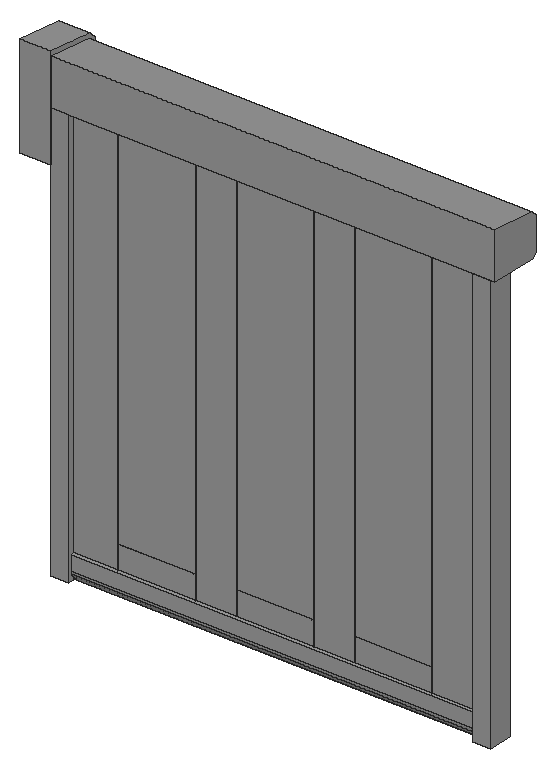
Revit family "ASSA_ABLOY_HighPerformanceDoor_RR300Clean", category Doors, host Wall, Revit 2019
Family settings
  Host = Wall
  Always vertical = Yes
  Cut with Voids When Loaded = No
  Shared = No
  Room Calculation Point = No
Parameters (values of type "RR300 Clean")
  WithSafetyEdge [instance] = not(WithPrerunningPhotocell)  # no
  WithPrerunningPhotocell [instance] = yes
  WarningDaylightWidthMin [instance] = DaylightWidthWanted < DaylightWidthMin  # no
  WarningDaylightWidthMax [instance] = DaylightWidthWanted > DaylightWidthMax  # no
  WarningDaylightHeightMin [instance] = DaylightHeightWanted < DaylightHeightMin  # no
  WarningDaylightHeightMax [instance] = DaylightHeightWanted > DaylightHeightMax  # no
  TrafficLightRight [instance] = and(MotorOnTheRight, DaylightHeight > 1729 mm)  # yes
  TrafficLightLeft [instance] = and(MotorOnTheLeft, DaylightHeight > 1729 mm)  # no
  TopOfMotorCover [instance] = if(WithPrerunningPhotocell, DaylightHeight + 410 mm, DaylightHeight + 470 mm)  # 2910 mm
  TopMotorHeightFromFloor [instance] = if(WithPrerunningPhotocell, 90 mm, if(WithSafetyEdge, 150 mm, 150 mm))  # 90 mm
  StainlessSteel = Stainless Steel
  PVCTransparatHeight [instance] = DaylightHeight - 210 mm  # 2290 mm
  PVCMorethan2400Gap [instance] = if(DaylightWidth > 2400 mm, (DaylightWidth - 560 mm - 500 mm) / 3, 100 mm)  # 480 mm
  PVCMiddle [instance] = not(OpenPosition)  # yes
  PVCFor700To1270 [instance] = and(not(OpenPosition), DaylightWidth > 699 mm, DaylightWidth < 1271 mm)  # no
  PVCFor1271To2400 [instance] = and(not(OpenPosition), DaylightWidth > 1270 mm, DaylightWidth < 2401 mm)  # no
  PVC2400To3500 [instance] = and(not(OpenPosition), DaylightWidth > 2400 mm)  # yes
  OpenPosition [instance] = no
  OffsetFromWall [instance] = 0 mm  # constant formula
  MotorOnTheRight [instance] = yes
  MotorOnTheLeft [instance] = not(MotorOnTheRight)  # no
  Model = "RR300 Clean"  # constant formula
  Manufacturer = "ASSA ABLOY"  # constant formula
  MainSwitchRightLow [instance] = and(MotorOnTheRight, DaylightHeight < 1360 mm)  # no
  MainSwitchRightHigh [instance] = and(MotorOnTheRight, DaylightHeight > 1359 mm)  # yes
  MainSwitchLeftLow [instance] = and(MotorOnTheLeft, DaylightHeight < 1360 mm)  # no
  MainSwitchLeftHigh [instance] = and(MotorOnTheLeft, DaylightHeight > 1359 mm)  # no
  MainSwitchHeight [instance] = if(DaylightHeight > 1359 mm, 1213 mm, 863 mm)  # 1213 mm
  MCCDisplayRight [instance] = and(MotorOnTheRight, DaylightHeight > 1729 mm)  # yes
  MCCDisplayLeft [instance] = and(MotorOnTheLeft, DaylightHeight > 1729 mm)  # no
  InterferenceMaterial = ASSA ABLOY Clearance Zone
  IntegratedActuatorRight [instance] = and(MotorOnTheRight, DaylightHeight > 1359 mm)  # yes
  IntegratedActuatorLeft [instance] = and(MotorOnTheLeft, DaylightHeight > 1359 mm)  # no
  Description = "Clean Room High Speed Door"  # constant formula
  DaylightWidthWanted [instance] = 2500 mm
  DaylightWidthMin [instance] = 1000 mm  # constant formula
  DaylightWidthMax [instance] = 3500 mm  # constant formula
  DaylightWidth [instance] = if(DaylightWidthWanted < 1000 mm, 1000 mm, if(DaylightWidthWanted > 3500 mm, 3500 mm, DaylightWidthWanted))  # 2500 mm
  DoorPanelHeight [instance] = if(OpenPosition, 5 mm, DaylightHeight - 60 mm)  # 2440 mm
  DaylightHeightWanted [instance] = 2500 mm
  DaylightHeightMin [instance] = 1000 mm  # constant formula
  DaylightHeightMax [instance] = 3500 mm  # constant formula
  DaylightHeight [instance] = if(DaylightHeightWanted < 1000 mm, 1000 mm, if(DaylightHeightWanted > 3500 mm, 3500 mm, DaylightHeightWanted))  # 2500 mm
  DistanceBottomOpeningPosition [instance] = 300 mm  # constant formula
  Curtain [instance] = Non Silicone-Free Curtain White
  ClearanceZoneRight [instance] = and(MotorOnTheRight, ClearanceZone)  # no
  ClearanceZoneLeft [instance] = and(MotorOnTheLeft, ClearanceZone)  # no
  ClearanceZone [instance] = no
  BottomTopOpenPosition [instance] = OpenPosition  # no
  BottomTopClosePosition [instance] = not(OpenPosition)  # yes
  BottomRubberHeight [instance] = 60 mm  # constant formula
  BottomProfileHeight [instance] = if(WithPrerunningPhotocell, 60 mm, 118 mm)  # 60 mm
  BottomOpenPositionWithMiddle [instance] = and(WithPrerunningPhotocell, OpenPosition)  # no
  BottomOpenPosition [instance] = and(WithPrerunningPhotocell, OpenPosition)  # no
  BottomOpenPositionWithSafetyEdge [instance] = and(WithSafetyEdge, OpenPosition)  # no
  BottomMiddleClosePosition [instance] = and(WithSafetyEdge, not(OpenPosition))  # no
  BottomHeight [instance] = if(WithPrerunningPhotocell, 21 mm, 79 mm)  # 21 mm
  BottomClosePosition [instance] = not(OpenPosition)  # yes
  BaseOfTopRollCover [instance] = if(WithPrerunningPhotocell, DaylightHeight + 90 mm, DaylightHeight + 150 mm)  # 2590 mm
  Analytic Construction = "<None>"
Reference planes
  plane 1 "Wall": y = 0
  plane 2 "Center (Left/Right)": x = 125
  plane 3 "Back": y = 75
  plane 4 "Right": x = -1125
  plane 5 "Left": x = 1375
  plane 6 "DoorHeight": z = 2500
  plane 7: z = 0
  plane 8 "Ground": z = 0
  plane 9: z = 2910
  plane 10: x = -1425
  plane 11: z = 1213
  plane 12: z = 60
  plane 13: z = 156
  plane 14: z = 1713
  plane 15: z = 2525.106
  plane 16: z = 2621.106
  plane 17: x = -1525
  plane 18: x = 1775
  plane 19: x = 1545
  plane 20: x = -1290
  plane 21: x = -1295
  plane 22: x = 1540
  plane 23: z = 1753
  plane 24: z = 1753
  plane 25: z = 1753
  plane 26: z = 863
  plane 27 "WallRef": y = 75
  plane 28: y = 3183.369
Forms (mm)
  Extrusion 1, void
    sketch origin (0, 0, 0) x (1, 0, 0) y (0, 0, 1)
      loop
        line (1375, 2500) -> (-1125, 2500) -> (-1125, 0) -> (1375, 0) -> (1375, 2500)
    from -75 to 75
  Sweep 2, solid, material "Stainless Steel" <- "StainlessSteel"
    path origin (0, 0, 0) x (1, 0, 0) y (0, 0, 1)
      loop
        line (1375, 0) -> (1375, 2590)
    profile origin (1375, 0, 1295) x (-1, 0, 0) y (0, -1, 0)
      loop
        line (2500, -75) -> (2500, -106.5) -> (2530, -106.5) -> (2530, -116.5) -> (2500, -116.5) -> (2500, -222) -> (2610, -222) -> (2610, -75) -> (2500, -75)
      loop
        line (0, -75) -> (-110, -75) -> (-110, -222) -> (0, -222) -> (0, -116.5) -> (-30, -116.5) -> (-30, -106.5) -> (0, -106.5) -> (0, -75)
  Sweep 3, solid, material "Stainless Steel" <- "StainlessSteel", visible <- "MotorOnTheRight"
    path origin (0, 0, 0) x (1, 0, 0) y (0, 0, 1)
      loop
        line (-1235, 2500) -> (-1425, 2500)
    profile origin (-1330, 0, 2500) x (0, 0, -1) y (0, -1, 0)
      loop
        line (153, -415) -> (215.303, -352.697) -> (225, -75) -> (-410, -75) -> (-378.524, -374.476) -> (-338, -415) -> (153, -415)
  Sweep 4, solid, material "Stainless Steel" <- "StainlessSteel", visible <- "BottomClosePosition"
    path origin (275, 158.982, 0) x (1, 0, 0) y (0, 1, 0)
      loop
        line (-1400, -46.982) -> (1100, -46.982)
    profile origin (125, 112, 0) x (0, 1, 0) y (0, 0, 1)
      loop
        line (-15.814, 40.052) -> (8.164, 4.11)
        arc (8.164, 4.11) -> (9.551, 3.833) -> (9.827, 5.22) r 1
        line (9.827, 5.22) -> (-7.643, 31.408)
        arc (-7.643, 31.408) -> (5.447, 30.893) -> (14.814, 40.052) r 16.557
        arc (14.814, 40.052) -> (17.73, 49.834) -> (18.639, 60) r 51.018
        line (18.639, 60) -> (16.639, 60)
        arc (16.639, 60) -> (15.767, 50.221) -> (12.964, 40.812) r 49.018
        arc (12.964, 40.812) -> (-0.5, 31.788) -> (-13.964, 40.812) r 14.557
        arc (-13.964, 40.812) -> (-16.767, 50.221) -> (-17.639, 60) r 49.018
        line (-17.639, 60) -> (-19.639, 60)
        arc (-19.639, 60) -> (-18.73, 49.834) -> (-15.814, 40.052) r 51.018
  Sweep 5, solid, material "Stainless Steel" <- "StainlessSteel", visible <- "BottomTopClosePosition"
    path origin (275, 158.982, 0) x (1, 0, 0) y (0, 1, 0)
      loop
        line (-1400, -47.482) -> (1100, -47.482)
    profile origin (125, 111.5, 0) x (0, 1, 0) y (0, 0, 1)
      loop
        line (21.018, 60) -> (21.018, 149.079) -> (2.002, 156) -> (2.002, 151.743) -> (17.018, 146.278) -> (17.018, 64) -> (-17.018, 64) -> (-17.018, 146.278) -> (-2.002, 151.743) -> (-2.002, 156) -> (-21.018, 149.079) -> (-21.018, 60) -> (21.018, 60)
  Sweep 6, solid, material "ContactlessActuator", visible <- "IntegratedActuatorLeft"
    path origin (0, 0, 0) x (1, 0, 0) y (0, 1, 0)
      loop
        line (-1180, 230) -> (-1180, 232)
    profile origin (-1180, 231, 0) x (-1, 0, 0) y (0, 0, 1)
      loop
        line (-40, 1213) -> (40, 1213) -> (40, 1293) -> (-40, 1293) -> (-40, 1213)
  Sweep 7, solid, material "Stainless Steel" <- "StainlessSteel", visible <- "MCCDisplayRight"
    path origin (0, 0, 0) x (1, 0, 0) y (0, 1, 0)
      loop
        line (-1180, 222) -> (-1180, 230)
    profile origin (-1180, 226, 0) x (-1, 0, 0) y (0, 0, 1)
      loop
        line (-27.5, 1438) -> (27.5, 1438) -> (27.5, 1595) -> (-27.5, 1595) -> (-27.5, 1438)
  Sweep 8, solid, material "Stainless Steel" <- "StainlessSteel", visible <- "MotorOnTheRight"
    path origin (0, 0, 0) x (1, 0, 0) y (0, 0, 1)
      loop
        line (1510, 2910) -> (-1235, 2910)
    profile origin (137.5, 0, 2910) x (0, 0, -1) y (0, -1, 0)
      loop
        line (28, -75) -> (58.487, -365.064) -> (86.423, -393) -> (295, -393) -> (320, -368) -> (320, -75) -> (28, -75)
  Sweep 9, solid, material "ControlPanel", visible <- "MCCDisplayRight"
    path origin (-1660, -0.512, 0) x (-1, 0, 0) y (0, 1, 0)
      loop
        line (-480, 230.512) -> (-480, 232.512)
    profile origin (-1180, 231, 0) x (-1, 0, 0) y (0, 0, 1)
      loop
        line (27.5, 1438) -> (27.5, 1595) -> (-27.5, 1595) -> (-27.5, 1438) -> (27.5, 1438)
  Sweep 10, solid, material "Stainless Steel" <- "StainlessSteel", visible <- "MainSwitchRightHigh"
    path origin (0, 0, 0) x (1, 0, 0) y (0, 1, 0)
      loop
        line (-1180, 230) -> (-1180, 222)
    profile origin (-1180, 226, 0) x (1, 0, 0) y (0, 0, 1)
      loop
        line (40, 1213) -> (40, 1293) -> (-40, 1293) -> (-40, 1213) -> (40, 1213)
  Sweep 11, solid, material "ContactlessActuatorLeft", visible <- "IntegratedActuatorRight"
    path origin (250, 0, 0) x (-1, 0, 0) y (0, 1, 0)
      loop
        line (-1180, 230) -> (-1180, 232)
    profile origin (1430, 231, 0) x (-1, 0, 0) y (0, 0, 1)
      loop
        line (40, 1213) -> (40, 1293) -> (-40, 1293) -> (-40, 1213) -> (40, 1213)
  Sweep 12, solid, material "Stainless Steel" <- "StainlessSteel", visible <- "MainSwitchLeftHigh"
    path origin (250, 0, 0) x (-1, 0, 0) y (0, 1, 0)
      loop
        line (-1180, 230) -> (-1180, 222)
    profile origin (1430, 226, 0) x (1, 0, 0) y (0, 0, 1)
      loop
        line (-40, 1213) -> (40, 1213) -> (40, 1293) -> (-40, 1293) -> (-40, 1213)
  Sweep 13, solid, material "TrafficLight", visible <- "TrafficLightRight"
    path origin (250, 0, 515) x (-1, 0, 0) y (0, 1, 0)
      loop
        line (-1180, 230) -> (-1180, 232)
    profile origin (1430, 231, 515) x (-1, 0, 0) y (0, 0, 1)
      loop
        circle (0, 1238) r 30
  Sweep 14, solid, material "Stainless Steel" <- "StainlessSteel", visible <- "TrafficLightRight"
    path origin (250, 0, 515) x (-1, 0, 0) y (0, 1, 0)
      loop
        line (-1180, 231) -> (-1180, 222)
    profile origin (1430, 226.5, 515) x (1, 0, 0) y (0, 0, 1)
      loop
        line (-40, 1198) -> (40, 1198) -> (40, 1278) -> (-40, 1278) -> (-40, 1198)
  Sweep 15, solid, material "Non Silicone-Free Curtain White" <- "Curtain", visible <- "PVCFor1271To2400"
    path origin (125, 0, 0) x (0, 1, 0) y (0, 0, 1)
      loop
        line (111.5, 150) -> (111.5, 2590)
    profile origin (125, 111.5, 1370) x (0, -1, 0) y (1, 0, 0)
      loop
        line (1, -1250) -> (1, -970) -> (-1, -970) -> (-1, -1250) -> (1, -1250)
      loop
        line (1, 1250) -> (-1, 1250) -> (-1, 970) -> (1, 970) -> (1, 1250)
      loop
        line (1, 125) -> (-1, 125) -> (-1, -125) -> (1, -125) -> (1, 125)
  Sweep 16, solid, material "Stainless Steel" <- "StainlessSteel", visible <- "BottomMiddleClosePosition"
    path origin (0, 0, 0) x (1, 0, 0) y (0, 1, 0)
      loop
        line (-1125, 111.5) -> (1375, 111.5)
    profile origin (125, 111.5, 0) x (0, 1, 0) y (0, 0, 1)
      loop
        line (19.018, 60) -> (21.018, 118) -> (-21.018, 118) -> (-19.018, 60) -> (19.018, 60)
      loop
        line (18.948, 116) -> (-18.948, 116) -> (-17.086, 62) -> (17.086, 62) -> (18.948, 116)
  Sweep 17, solid, material "Stainless Steel" <- "StainlessSteel", visible <- "BottomTopOpenPosition"
    path origin (275, 158.982, 1920) x (1, 0, 0) y (0, 1, 0)
      loop
        line (-1400, -47.482) -> (1100, -47.482)
    profile origin (125, 111.5, 1920) x (0, 1, 0) y (0, 0, 1)
      loop
        line (-21.018, 694.185) -> (-21.018, 605.106) -> (21.018, 605.106) -> (21.018, 694.185) -> (2.002, 701.106) -> (2.002, 696.85) -> (17.018, 691.384) -> (17.018, 609.106) -> (-17.018, 609.106) -> (-17.018, 691.384) -> (-2.002, 696.85) -> (-2.002, 701.106) -> (-21.018, 694.185)
  Sweep 18, solid, material "Stainless Steel" <- "StainlessSteel", visible <- "BottomOpenPositionWithSafetyEdge"
    path origin (0, 0, 0) x (1, 0, 0) y (0, 1, 0)
      loop
        line (-1125, 111.5) -> (1375, 111.5)
    profile origin (125, 111.5, 0) x (0, 1, 0) y (0, 0, 1)
      loop
        line (17.139, 2467.106) -> (-17.139, 2467.106)
        arc (-17.139, 2467.106) -> (-16.267, 2457.328) -> (-13.464, 2447.919) r 49.018
        arc (-13.464, 2447.919) -> (0, 2438.894) -> (13.464, 2447.919) r 14.557
        arc (13.464, 2447.919) -> (16.267, 2457.328) -> (17.139, 2467.106) r 49.018
      loop
        line (-21.018, 2525.106) -> (-19.083, 2469)
        arc (-19.083, 2469) -> (-18.399, 2457.872) -> (-15.314, 2447.159) r 51.018
        line (-15.314, 2447.159) -> (8.664, 2411.216)
        arc (8.664, 2411.216) -> (10.051, 2410.939) -> (10.327, 2412.326) r 1
        line (10.327, 2412.326) -> (-7.143, 2438.515)
        arc (-7.143, 2438.515) -> (5.947, 2437.999) -> (15.314, 2447.159) r 16.557
        arc (15.314, 2447.159) -> (18.399, 2457.872) -> (19.083, 2469) r 51.018
        line (19.083, 2469) -> (21.018, 2525.106) -> (-21.018, 2525.106)
      loop
        line (18.948, 2523.106) -> (-18.948, 2523.106) -> (-17.086, 2469.106) -> (17.086, 2469.106) -> (18.948, 2523.106)
  Sweep 19, solid, material "Transparent Curtain", visible <- "PVCFor1271To2400"
    path origin (125, 0, 0) x (0, 1, 0) y (0, 0, 1)
      loop
        line (111.5, 300) -> (111.5, 2590)
    profile origin (125, 111.5, 1445) x (0, -1, 0) y (1, 0, 0)
      loop
        line (-1, -970) -> (1, -970) -> (1, -125) -> (-1, -125) -> (-1, -970)
      loop
        line (-1, 125) -> (1, 125) -> (1, 970) -> (-1, 970) -> (-1, 125)
  Sweep 20, solid, material "Non Silicone-Free Curtain White" <- "Curtain", visible <- "PVCFor1271To2400"
    path origin (125, 0, 0) x (0, 1, 0) y (0, 0, 1)
      loop
        line (111.5, 150) -> (111.5, 300)
    profile origin (125, 111.5, 225) x (0, -1, 0) y (1, 0, 0)
      loop
        line (-1, -970) -> (1, -970) -> (1, -125) -> (-1, -125) -> (-1, -970)
      loop
        line (-1, 125) -> (1, 125) -> (1, 970) -> (-1, 970) -> (-1, 125)
  Sweep 21, solid, material "Non Silicone-Free Curtain White" <- "Curtain", visible <- "PVCFor700To1270"
    path origin (125, 0, 0) x (0, 1, 0) y (0, 0, 1)
      loop
        line (111.5, 150) -> (111.5, 2590)
    profile origin (125, 111.5, 1370) x (0, -1, 0) y (1, 0, 0)
      loop
        line (1, -1250) -> (1, -970) -> (-1, -970) -> (-1, -1250) -> (1, -1250)
      loop
        line (1, 1250) -> (-1, 1250) -> (-1, 970) -> (1, 970) -> (1, 1250)
  Sweep 22, solid, material "Transparent Curtain", visible <- "PVCFor700To1270"
    path origin (125, 0, 0) x (0, 1, 0) y (0, 0, 1)
      loop
        line (111.5, 300) -> (111.5, 2590)
    profile origin (125, 111.5, 1445) x (0, -1, 0) y (1, 0, 0)
      loop
        line (-1, -970) -> (1, -970) -> (1, 970) -> (-1, 970) -> (-1, -970)
  Sweep 23, solid, material "Non Silicone-Free Curtain White" <- "Curtain", visible <- "PVCFor700To1270"
    path origin (125, 0, 0) x (0, 1, 0) y (0, 0, 1)
      loop
        line (111.5, 150) -> (111.5, 300)
    profile origin (125, 111.5, 225) x (0, -1, 0) y (1, 0, 0)
      loop
        line (-1, -970) -> (1, -970) -> (1, 970) -> (-1, 970) -> (-1, -970)
  Sweep 24, solid, material "Non Silicone-Free Curtain White" <- "Curtain", visible <- "PVC2400To3500"
    path origin (125, 0, 0) x (0, 1, 0) y (0, 0, 1)
      loop
        line (111.5, 150) -> (111.5, 2590)
    profile origin (125, 111.5, 1370) x (0, -1, 0) y (1, 0, 0)
      loop
        line (1, -1250) -> (1, -970) -> (-1, -970) -> (-1, -1250) -> (1, -1250)
      loop
        line (1, 1250) -> (-1, 1250) -> (-1, 970) -> (1, 970) -> (1, 1250)
  Sweep 25, solid, material "Stainless Steel" <- "StainlessSteel", visible <- "BottomOpenPositionWithMiddle"
    path origin (275, 158.982, 2365.106) x (1, 0, 0) y (0, 1, 0)
      loop
        line (-1400, -46.982) -> (1100, -46.982)
    profile origin (125, 112, 2365.106) x (0, 1, 0) y (0, 0, 1)
      loop
        arc (-19.639, 160) -> (-18.73, 149.834) -> (-15.814, 140.052) r 51.018
        line (-15.814, 140.052) -> (8.164, 104.11)
        arc (8.164, 104.11) -> (9.551, 103.833) -> (9.827, 105.22) r 1
        line (9.827, 105.22) -> (-7.643, 131.408)
        arc (-7.643, 131.408) -> (5.447, 130.893) -> (14.814, 140.052) r 16.557
        arc (14.814, 140.052) -> (17.73, 149.834) -> (18.639, 160) r 51.018
        line (18.639, 160) -> (16.639, 160)
        arc (16.639, 160) -> (15.767, 150.221) -> (12.964, 140.812) r 49.018
        arc (12.964, 140.812) -> (-0.5, 131.788) -> (-13.964, 140.812) r 14.557
        arc (-13.964, 140.812) -> (-16.767, 150.221) -> (-17.639, 160) r 49.018
        line (-17.639, 160) -> (-19.639, 160)
  Sweep 26, solid, material "Non Silicone-Free Curtain White" <- "Curtain", visible <- "PVC2400To3500"
    path origin (125, 0, 0) x (0, 1, 0) y (0, 0, 1)
      loop
        line (111.5, 150) -> (111.5, 2590)
    profile origin (125, 111.5, 1370) x (0, -1, 0) y (1, 0, 0)
      loop
        line (-1, -240) -> (-1, -490) -> (1, -490) -> (1, -240) -> (-1, -240)
      loop
        line (-1, 240) -> (1, 240) -> (1, 490) -> (-1, 490) -> (-1, 240)
  Sweep 27, solid, material "Transparent Curtain", visible <- "PVC2400To3500"
    path origin (125, 0, 0) x (0, 1, 0) y (0, 0, 1)
      loop
        line (111.5, 300) -> (111.5, 2590)
    profile origin (125, 111.5, 1445) x (0, -1, 0) y (1, 0, 0)
      loop
        line (-1, -970) -> (1, -970) -> (1, -490) -> (-1, -490) -> (-1, -970)
      loop
        line (-1, 490) -> (1, 490) -> (1, 970) -> (-1, 970) -> (-1, 490)
      loop
        line (-1, 240) -> (-1, -240) -> (1, -240) -> (1, 240) -> (-1, 240)
  Sweep 28, solid, material "Non Silicone-Free Curtain White" <- "Curtain", visible <- "PVC2400To3500"
    path origin (125, 0, 0) x (0, 1, 0) y (0, 0, 1)
      loop
        line (111.5, 150) -> (111.5, 300)
    profile origin (125, 111.5, 225) x (0, -1, 0) y (1, 0, 0)
      loop
        line (-1, -970) -> (1, -970) -> (1, -490) -> (-1, -490) -> (-1, -970)
      loop
        line (-1, 490) -> (1, 490) -> (1, 970) -> (-1, 970) -> (-1, 490)
      loop
        line (-1, 240) -> (-1, -240) -> (1, -240) -> (1, 240) -> (-1, 240)
  Sweep 29, solid, material "Stainless Steel" <- "StainlessSteel", visible <- "MotorOnTheLeft"
    path origin (0, 0, 0) x (1, 0, 0) y (0, 0, 1)
      loop
        line (-1260, 2910) -> (1485, 2910)
    profile origin (112.5, 0, 2910) x (0, 0, 1) y (0, -1, 0)
      loop
        line (-28, -75) -> (-320, -75) -> (-320, -368) -> (-295, -393) -> (-86.423, -393) -> (-58.487, -365.064) -> (-28, -75)
  Sweep 30, solid, material "Stainless Steel" <- "StainlessSteel", visible <- "MotorOnTheLeft"
    path origin (250, 0, 0) x (-1, 0, 0) y (0, 0, 1)
      loop
        line (-1235, 2500) -> (-1425, 2500)
    profile origin (1580, 0, 2500) x (0, 0, 1) y (0, -1, 0)
      loop
        line (-153, -415) -> (338, -415) -> (378.524, -374.476) -> (410, -75) -> (-225, -75) -> (-215.303, -352.697) -> (-153, -415)
  Sweep 31, solid, material "Mainswitch Left", visible <- "MainSwitchLeftHigh"
    path origin (250, 0, 0) x (-1, 0, 0) y (0, 1, 0)
      loop
        line (-1180, 230) -> (-1180, 232)
    profile origin (1430, 231, 0) x (-1, 0, 0) y (0, 0, 1)
      loop
        line (40, 1213) -> (40, 1293) -> (-40, 1293) -> (-40, 1213) -> (40, 1213)
  Sweep 32, solid, material "Stainless Steel" <- "StainlessSteel", visible <- "MCCDisplayLeft"
    path origin (250, 0, 0) x (-1, 0, 0) y (0, 1, 0)
      loop
        line (-1180, 222) -> (-1180, 230)
    profile origin (1430, 226, 0) x (-1, 0, 0) y (0, 0, 1)
      loop
        line (27.5, 1435) -> (27.5, 1592) -> (-27.5, 1592) -> (-27.5, 1435) -> (27.5, 1435)
  Sweep 33, solid, material "ControlPanelLeft", visible <- "MCCDisplayLeft"
    path origin (1910, -0.512, 0) x (1, 0, 0) y (0, 1, 0)
      loop
        line (-480, 230.512) -> (-480, 232.512)
    profile origin (1430, 231, 0) x (-1, 0, 0) y (0, 0, 1)
      loop
        line (-27.5, 1438) -> (27.5, 1438) -> (27.5, 1595) -> (-27.5, 1595) -> (-27.5, 1438)
  Sweep 34, solid, material "Stainless Steel" <- "StainlessSteel", visible <- "MainSwitchLeftHigh"
    path origin (250, 0, 0) x (-1, 0, 0) y (0, 1, 0)
      loop
        line (-1180, 230) -> (-1180, 222)
    profile origin (1430, 226, 0) x (1, 0, 0) y (0, 0, 1)
      loop
        line (-40, 1213) -> (40, 1213) -> (40, 1293) -> (-40, 1293) -> (-40, 1213)
  Sweep 35, solid, material "TrafficLight", visible <- "TrafficLightLeft"
    path origin (0, 0, 515) x (1, 0, 0) y (0, 1, 0)
      loop
        line (-1180, 230) -> (-1180, 232)
    profile origin (-1180, 231, 515) x (-1, 0, 0) y (0, 0, 1)
      loop
        circle (0, 1238) r 30
  Sweep 36, solid, material "Stainless Steel" <- "StainlessSteel", visible <- "TrafficLightLeft"
    path origin (0, 0, 515) x (1, 0, 0) y (0, 1, 0)
      loop
        line (-1180, 231) -> (-1180, 222)
    profile origin (-1180, 226.5, 515) x (1, 0, 0) y (0, 0, 1)
      loop
        line (40, 1198) -> (40, 1278) -> (-40, 1278) -> (-40, 1198) -> (40, 1198)
  Sweep 37, solid, material "Mainswitch", visible <- "MainSwitchRightHigh"
    path origin (0, 0, 0) x (1, 0, 0) y (0, 1, 0)
      loop
        line (-1180, 230) -> (-1180, 232)
    profile origin (-1180, 231, 0) x (-1, 0, 0) y (0, 0, 1)
      loop
        line (-40, 1213) -> (40, 1213) -> (40, 1293) -> (-40, 1293) -> (-40, 1213)
  Extrusion 38, solid, material "ASSA ABLOY Clearance Zone" <- "InterferenceMaterial", visible <- "ClearanceZoneRight"
    sketch origin (0, 0, 0) x (0, 1, 0) y (0, 0, 1)
      loop
        line (75, 0) -> (282, 0) -> (282, 2182.168) -> (75, 2174.939) -> (75, 0)
    from -1290 to 1545
  Extrusion 39, solid, material "ASSA ABLOY Clearance Zone" <- "InterferenceMaterial", visible <- "ClearanceZoneRight"
    sketch origin (0, 0, 2000) x (0, 1, 0) y (0, 0, 1)
      loop
        line (75, 920) -> (75, 174.939) -> (395.554, 186.133) -> (515, 305.579) -> (515, 920) -> (75, 920)
    from -1525 to 1545
  Extrusion 40, solid, material "ASSA ABLOY Clearance Zone" <- "InterferenceMaterial", visible <- "ClearanceZoneLeft"
    sketch origin (0, 0, 0) x (0, 1, 0) y (0, 0, 1)
      loop
        line (75, 0) -> (282, 0) -> (282, 2182.168) -> (75, 2174.939) -> (75, 0)
    from -1295 to 1540
  Extrusion 41, solid, material "ASSA ABLOY Clearance Zone" <- "InterferenceMaterial", visible <- "ClearanceZoneLeft"
    sketch origin (0, 0, 2000) x (0, 1, 0) y (0, 0, 1)
      loop
        line (75, 920) -> (75, 174.939) -> (395.554, 186.133) -> (515, 305.579) -> (515, 920) -> (75, 920)
    from -1295 to 1775
  Sweep 42, solid, material "ContactlessActuator", visible <- "MainSwitchRightLow"
    path origin (0, 0, -350) x (1, 0, 0) y (0, 1, 0)
      loop
        line (-1180, 230) -> (-1180, 232)
    profile origin (-1180, 231, -350) x (-1, 0, 0) y (0, 0, 1)
      loop
        line (-40, 1213) -> (40, 1213) -> (40, 1293) -> (-40, 1293) -> (-40, 1213)
  Sweep 43, solid, material "Stainless Steel" <- "StainlessSteel", visible <- "MainSwitchRightLow"
    path origin (0, 0, -350) x (1, 0, 0) y (0, 1, 0)
      loop
        line (-1180, 230) -> (-1180, 222)
    profile origin (-1180, 226, -350) x (1, 0, 0) y (0, 0, 1)
      loop
        line (40, 1213) -> (40, 1293) -> (-40, 1293) -> (-40, 1213) -> (40, 1213)
  Sweep 44, solid, material "ContactlessActuatorLeft", visible <- "MainSwitchLeftLow"
    path origin (250, 0, -350) x (-1, 0, 0) y (0, 1, 0)
      loop
        line (-1180, 230) -> (-1180, 232)
    profile origin (1430, 231, -350) x (-1, 0, 0) y (0, 0, 1)
      loop
        line (40, 1213) -> (40, 1293) -> (-40, 1293) -> (-40, 1213) -> (40, 1213)
  Sweep 45, solid, material "Stainless Steel" <- "StainlessSteel", visible <- "MainSwitchLeftLow"
    path origin (250, 0, -350) x (-1, 0, 0) y (0, 1, 0)
      loop
        line (-1180, 230) -> (-1180, 222)
    profile origin (1430, 226, -350) x (1, 0, 0) y (0, 0, 1)
      loop
        line (-40, 1213) -> (40, 1213) -> (40, 1293) -> (-40, 1293) -> (-40, 1213)
  Sweep 46, solid, material "Mainswitch Left", visible <- "MainSwitchLeftLow"
    path origin (250, 0, -350) x (-1, 0, 0) y (0, 1, 0)
      loop
        line (-1180, 230) -> (-1180, 232)
    profile origin (1430, 231, -350) x (-1, 0, 0) y (0, 0, 1)
      loop
        line (40, 1213) -> (40, 1293) -> (-40, 1293) -> (-40, 1213) -> (40, 1213)
  Sweep 47, solid, material "Stainless Steel" <- "StainlessSteel", visible <- "MainSwitchLeftLow"
    path origin (250, 0, -350) x (-1, 0, 0) y (0, 1, 0)
      loop
        line (-1180, 230) -> (-1180, 222)
    profile origin (1430, 226, -350) x (1, 0, 0) y (0, 0, 1)
      loop
        line (-40, 1213) -> (40, 1213) -> (40, 1293) -> (-40, 1293) -> (-40, 1213)
  Sweep 48, solid, material "Mainswitch", visible <- "MainSwitchRightLow"
    path origin (0, 0, -350) x (1, 0, 0) y (0, 1, 0)
      loop
        line (-1180, 230) -> (-1180, 232)
    profile origin (-1180, 231, -350) x (-1, 0, 0) y (0, 0, 1)
      loop
        line (-40, 1213) -> (40, 1213) -> (40, 1293) -> (-40, 1293) -> (-40, 1213)
  Sweep 49, solid, not visible
    path origin (0, 1579.237, 277.825) x (1, 0, 0) y (0, 0, -1)
      loop
        line (-1125, -2100) -> (1375, -2100)
    profile origin (125, 1579.237, 2377.825) x (0, 0, -1) y (0, 1, 0)
      loop
        line (-212.175, -1468.737) -> (-212.175, -1466.737) -> (-275.423, -1453.058)
        arc (-275.423, -1453.058) -> (-283.528, -1335.404) -> (-283.382, -1453.337) r 59
        line (-283.382, -1453.337) -> (-212.175, -1468.737)
      loop
        circle (-281.463, -1394.368) r 57.5
Text (mm)
  text "Placement Side" at (-3375.066, 1877.502, 0), in view "Ref. Level"
  text "Placement side" at (0, 1409.804, 2854.306), in view "Left"
  text "Placement side" at (0, 499.811, 2980.732), in view "Right"
Dimensions and locks
  locked: plane 3 "Back" to host wall
  equal spacing: plane 4 "Right", plane 2 "Center (Left/Right)", plane 5 "Left"
  "DaylightWidth": plane 4 "Right" to plane 5 "Left"
  "DaylightHeight": plane 7 to plane 6 "DoorHeight"
  Sweep 2 sketch curve to Sweep 2 sketch curve = 105.5 mm
  Sweep 2 sketch curve to Sweep 2 sketch curve = 10 mm
  Sweep 2 sketch curve to Sweep 2 sketch curve = 30 mm
  Sweep 2 sketch curve to Sweep 2 sketch curve = 147 mm  (x2)
  Sweep 2 sketch curve to Sweep 2 sketch curve = 110 mm  (x3)
  equal spacing: Sweep 2 sketch curve, Sweep 2 sketch curve, Sweep 2 sketch curve, Sweep 2 sketch curve
  plane 10 to plane 4 "Right" = 300 mm
  Sweep 3 sketch curve to plane 4 "Right" = 110 mm
  Sweep 3 sketch curve to plane 4 "Right" = 300 mm
  Sweep 3 sketch curve to Sweep 3 sketch curve = 340 mm
  Sweep 3 sketch curve to Sweep 3 sketch curve = 635 mm
  Sweep 3 sketch curve to Sweep 3 sketch curve = 491 mm
  "TopOfMotorCover": plane 8 "Ground" to plane 9
  Sweep 6 sketch curve to plane 4 "Right" = 55 mm
  equal spacing: Sweep 2, Sweep 6 sketch curve, Sweep 6 sketch curve, plane 4 "Right"
  Sweep 6 sketch curve to Sweep 6 sketch curve = 80 mm
  Sweep 7 sketch curve to plane 4 "Right" = 55 mm
  plane 11 to Sweep 7 sketch curve = 225 mm
  equal spacing: Sweep 2, Sweep 7 sketch curve, Sweep 7 sketch curve, plane 4 "Right"
  Sweep 7 sketch curve to Sweep 7 sketch curve = 157 mm
  "BottomProfileHeight": plane 12 to plane 8 "Ground"
  locked: plane 13 to plane 12 at 96
  locked: plane 5 "Left" to Sweep 8 sketch curve at 135
  locked: Sweep 8 sketch curve to plane 4 "Right" at 110
  Sweep 8 sketch curve to Sweep 8 sketch curve = 292 mm
  Sweep 8 sketch curve to Sweep 8 sketch curve = 208.577 mm
  Sweep 8 sketch curve to Sweep 8 sketch curve = 291.662 mm
  Sweep 8 sketch curve to Sweep 8 sketch curve = 293 mm
  Sweep 9 sketch curve to Sweep 9 sketch curve = 55 mm
  Sweep 9 sketch curve to Sweep 9 sketch curve = 157 mm
  locked: plane 11 to Sweep 9 sketch curve at 225
  equal spacing: Sweep 2, Sweep 9 sketch curve, Sweep 9 sketch curve, plane 4 "Right"
  equal spacing: Sweep 2, Sweep 10 sketch curve, Sweep 10 sketch curve, plane 4 "Right"
  plane 11 to Sweep 10 sketch curve = 80 mm
  Sweep 11 sketch curve to Sweep 11 sketch curve = 80 mm
  equal spacing: plane 5 "Left", Sweep 12 sketch curve, Sweep 12 sketch curve, Sweep 2
  plane 11 to Sweep 12 sketch curve = 80 mm
  equal spacing: plane 5 "Left", Sweep 11 sketch curve, Sweep 11 sketch curve, Sweep 2
  plane 8 "Ground" to plane 14 = 1713 mm
  Sweep 14 sketch curve to Sweep 14 sketch curve = 80 mm
  Sweep 14 sketch curve to Sweep 14 sketch curve = 9 mm
  Sweep 15 sketch curve to Sweep 15 sketch curve = 280 mm  (x2)
  Sweep 15 sketch curve to plane 2 "Center (Left/Right)" to Sweep 15 sketch curve = 125 mm, 125 mm
  "DoorPanelHeight": Sweep 15 sketch curve to Sweep 15 sketch curve
  locked: plane 16 to plane 15 at 96
  locked: plane 15 to plane 6 "DoorHeight" at 25.106
  Sweep 20 sketch curve to Sweep 20 sketch curve = 150 mm
  "PVCTransparatHeight": Sweep 19 sketch curve to Sweep 19 sketch curve
  "BottomRubberHeight": plane 8 "Ground" to Sweep 4 sketch curve
  Sweep 21 sketch curve to Sweep 21 sketch curve = 280 mm  (x2)
  "DoorPanelHeight": Sweep 21 sketch curve to Sweep 21 sketch curve
  "PVCTransparatHeight": Sweep 22 sketch curve to Sweep 22 sketch curve
  Sweep 23 sketch curve to Sweep 23 sketch curve = 150 mm
  locked: Sweep 24 sketch curve to Sweep 24 sketch curve at 280  (x2)
  "DoorPanelHeight": Sweep 24 sketch curve to Sweep 24 sketch curve
  plane 8 "Ground" to Sweep 16 sketch curve = 60 mm
  Sweep 18 sketch curve to plane 6 "DoorHeight" to Sweep 18 sketch curve = 25.106 mm, 32.894 mm
  Sweep 25 sketch curve to plane 9 = 384.894 mm  (x2)
  "DoorPanelHeight": Sweep 26 sketch curve to Sweep 26 sketch curve
  "PVCMorethan2400Gap": Sweep 26 sketch curve to Sweep 26 sketch curve
  locked: Sweep 26 sketch curve to Sweep 26 sketch curve at 250  (x2)
  "PVCTransparatHeight": Sweep 27 sketch curve to Sweep 27 sketch curve
  "PVCMorethan2400Gap": Sweep 27 sketch curve to Sweep 27 sketch curve  (x3)
  equal spacing: Sweep 27 sketch curve, plane 2 "Center (Left/Right)", Sweep 27 sketch curve
  equal spacing: Sweep 26 sketch curve, plane 2 "Center (Left/Right)", Sweep 26 sketch curve
  Sweep 28 sketch curve to Sweep 28 sketch curve = 150 mm
  plane 5 "Left" to Sweep 29 sketch curve = 110 mm
  Sweep 29 sketch curve to plane 4 "Right" = 135 mm
  "TopOfMotorCover": plane 8 "Ground" to Sweep 29 sketch curve
  Sweep 29 sketch curve to Sweep 29 sketch curve = 292 mm
  Sweep 29 sketch curve to Sweep 29 sketch curve = 208.577 mm
  Sweep 29 sketch curve to Sweep 29 sketch curve = 291.662 mm
  Sweep 29 sketch curve to Sweep 29 sketch curve = 293 mm
  plane 5 "Left" to Sweep 30 sketch curve = 110 mm
  plane 5 "Left" to Sweep 30 sketch curve = 300 mm
  Sweep 31 sketch curve to Sweep 31 sketch curve = 80 mm  (x2)
  Sweep 32 sketch curve to Sweep 32 sketch curve = 55 mm
  Sweep 32 sketch curve to Sweep 32 sketch curve = 157 mm
  Sweep 33 sketch curve to Sweep 33 sketch curve = 55 mm  (x2)
  Sweep 33 sketch curve to Sweep 33 sketch curve = 157 mm
  Sweep 34 sketch curve to Sweep 34 sketch curve = 80 mm  (x2)
  Sweep 34 sketch curve to Sweep 34 sketch curve = 8 mm
  Sweep 34 sketch curve to plane 5 "Left" = 15 mm
  locked: plane 11 to Sweep 33 sketch curve at 225
  locked: plane 5 "Left" to Sweep 33 sketch curve at 27.5
  Sweep 36 sketch curve to Sweep 36 sketch curve = 80 mm
  Sweep 36 sketch curve to Sweep 36 sketch curve = 9 mm
  Sweep 36 sketch curve to Sweep 36 sketch curve to plane 4 "Right" = 80 mm, 15 mm locked
  plane 14 to Sweep 36 sketch curve = 80 mm
  Sweep 37 sketch curve to Sweep 37 sketch curve = 80 mm  (x2)
  Sweep 37 sketch curve to Sweep 37 sketch curve = 2 mm
  equal spacing: Sweep 10, Sweep 37 sketch curve, plane 4 "Right"
  Extrusion 38 sketch curve to Sweep 2 = 60 mm  (x2)
  Extrusion 38 sketch curve to Sweep 3 = 100 mm
  locked: plane 17 to plane 4 "Right" at 400
  locked: plane 5 "Left" to plane 18 at 400
  locked: plane 20 to plane 4 "Right" at 165
  locked: plane 5 "Left" to plane 19 at 170
  Extrusion 39 sketch curve to plane 9 = 10 mm
  Extrusion 39 sketch curve to Sweep 3 = 100 mm  (x3)
  Extrusion 39 sketch curve to Extrusion 39 sketch curve = 745.061 mm
  locked: plane 21 to plane 4 "Right" at 170
  locked: plane 5 "Left" to plane 22 at 165
  Extrusion 40 sketch curve to Sweep 2 = 60 mm
  Sweep 3 to Extrusion 40 sketch curve = 100 mm
  Extrusion 41 sketch curve to Extrusion 41 sketch curve = 745.061 mm
  Extrusion 41 sketch curve to plane 9 = 10 mm
  Extrusion 41 sketch curve to Sweep 3 = 100 mm  (x3)
  plane 8 "Ground" to plane 11 = 1213 mm
  Sweep 31 sketch curve to plane 5 "Left" = 15 mm
  Sweep 13 sketch curve to Sweep 14 to Sweep 13 sketch curve = 1 mm locked, 1 mm locked
  locked: plane 14 to plane 23 at 40
  locked: plane 14 to plane 24 at 40
  plane 8 "Ground" to plane 25 = 1753 mm
  plane 8 "Ground" to plane 26 = 863 mm
  Sweep 42 sketch curve to Sweep 42 sketch curve = 80 mm  (x2)
  Sweep 43 sketch curve to Sweep 43 sketch curve = 80 mm  (x2)
  Sweep 44 sketch curve to Sweep 44 sketch curve = 80 mm  (x2)
  Sweep 45 sketch curve to Sweep 45 sketch curve = 80 mm
  Sweep 46 sketch curve to Sweep 46 sketch curve = 80 mm  (x2)
  Sweep 47 sketch curve to Sweep 47 sketch curve = 80 mm  (x2)
  Sweep 47 sketch curve to Sweep 47 sketch curve = 8 mm
  Sweep 48 sketch curve to Sweep 48 sketch curve = 80 mm  (x2)
  Sweep 48 sketch curve to Sweep 48 sketch curve = 2 mm
  Sweep 43 to Sweep 48 sketch curve = 80 mm
  Sweep 47 sketch curve to plane 5 "Left" = 15 mm
  Sweep 46 sketch curve to plane 5 "Left" = 15 mm
  plane 4 "Right" to Sweep 48 sketch curve = 15 mm
  plane 4 "Right" to Sweep 43 sketch curve = 15 mm
  "TopMotorHeightFromFloor": Sweep 29 sketch curve to plane 6 "DoorHeight"
  "TopMotorHeightFromFloor": Sweep 8 sketch curve to plane 6 "DoorHeight"
  "OffsetFromWall": plane 27 "WallRef" to host wall
  Sweep 24 sketch curve to plane 27 "WallRef" = 35.5 mm
  plane 27 "WallRef" to Sweep 24 sketch curve = 35.5 mm
  plane 27 "WallRef" to Sweep 21 sketch curve = 35.5 mm
  Sweep 21 sketch curve to plane 27 "WallRef" = 35.5 mm
  plane 27 "WallRef" to Sweep 15 sketch curve = 35.5 mm  (x2)
  Sweep 15 sketch curve to plane 27 "WallRef" = 35.5 mm
  Sweep 22 sketch curve to plane 27 "WallRef" = 35.5 mm
  Sweep 19 sketch curve to plane 27 "WallRef" = 35.5 mm  (x2)
  Sweep 23 sketch curve to plane 27 "WallRef" = 35.5 mm
  Sweep 20 sketch curve to plane 27 "WallRef" = 35.5 mm  (x2)
  Sweep 27 sketch curve to plane 27 "WallRef" = 35.5 mm  (x2)
  plane 27 "WallRef" to Sweep 27 sketch curve = 35.5 mm
  Sweep 28 sketch curve to plane 27 "WallRef" = 35.5 mm  (x2)
  plane 27 "WallRef" to Sweep 28 sketch curve = 35.5 mm
  plane 27 "WallRef" to Sweep 26 sketch curve = 35.5 mm
  Sweep 26 sketch curve to plane 27 "WallRef" = 35.5 mm
  Sweep 30 sketch curve to Sweep 30 sketch curve = 301.126 mm
  Sweep 30 sketch curve to Sweep 30 sketch curve = 491 mm
  Sweep 30 sketch curve to Sweep 30 sketch curve = 277.867 mm
  Sweep 30 sketch curve to Sweep 30 sketch curve = 635 mm
  Sweep 30 sketch curve to Sweep 30 sketch curve = 57.309 mm
  Sweep 30 sketch curve to Sweep 30 sketch curve = 88.109 mm
  plane 27 "WallRef" to Sweep 17 sketch curve = 36.5 mm
  Sweep 17 sketch curve to Sweep 17 sketch curve to Sweep 17 sketch curve to Sweep 17 sketch curve to Sweep 17 sketch curve to Sweep 17 sketch curve to plane 27 "WallRef" = 4 mm, 15.016 mm, 4.003 mm, 15.016 mm, 4 mm, 15.482 mm
  locked: plane 27 "WallRef" to Sweep 25 sketch curve at 37
  locked: plane 27 "WallRef" to Sweep 18 sketch curve at 36.5
  locked: plane 27 "WallRef" to Sweep 5 sketch curve at 36.5
  locked: Sweep 24 sketch curve to Sweep 24 sketch curve at 2  (x2)
  Sweep 21 sketch curve to Sweep 21 sketch curve = 2 mm
  locked: Sweep 21 sketch curve to Sweep 21 sketch curve at 2
  locked: Sweep 15 sketch curve to Sweep 15 sketch curve at 2  (x3)
  Sweep 22 sketch curve to Sweep 22 sketch curve = 2 mm
  Sweep 19 sketch curve to Sweep 19 sketch curve = 2 mm  (x2)
  Sweep 23 sketch curve to Sweep 23 sketch curve = 2 mm
  Sweep 20 sketch curve to Sweep 20 sketch curve = 2 mm  (x2)
  locked: Sweep 27 sketch curve to Sweep 27 sketch curve at 2  (x3)
  locked: Sweep 28 sketch curve to Sweep 28 sketch curve at 2  (x3)
  locked: Sweep 26 sketch curve to Sweep 26 sketch curve at 2  (x2)
  locked: plane 27 "WallRef" to Sweep 4 sketch curve at 37
  locked: plane 27 "WallRef" to Sweep 16 sketch curve at 36.5
  Sweep 12 sketch curve to plane 27 "WallRef" = 147 mm
  Sweep 32 sketch curve to plane 27 "WallRef" = 147 mm
  Sweep 45 sketch curve to plane 27 "WallRef" = 147 mm
  Sweep 31 sketch curve to plane 27 "WallRef" = 155 mm
  Sweep 11 sketch curve to plane 27 "WallRef" = 155 mm
  Sweep 44 sketch curve to plane 27 "WallRef" = 155 mm
  Sweep 43 sketch curve to plane 27 "WallRef" = 147 mm
  Sweep 35 sketch curve to plane 27 "WallRef" = 155 mm
  Sweep 9 sketch curve to plane 27 "WallRef" = 155 mm
  Sweep 37 sketch curve to plane 27 "WallRef" = 155 mm
  Sweep 48 sketch curve to plane 27 "WallRef" = 155 mm
  Sweep 42 sketch curve to plane 27 "WallRef" = 155 mm
  Sweep 49 sketch curve to Sweep 49 sketch curve = 1.955 mm
  radius of Sweep 49 sketch curve = 59 mm
  radius of Sweep 49 sketch curve = 57.5 mm
  locked: Sweep 3 sketch curve to Sweep 3 sketch curve (angle 88.00°)
  locked: Sweep 3 sketch curve to Sweep 3 sketch curve (angle 84.00°)
  angle Sweep 3 sketch curve to Sweep 3 sketch curve = 135.00°  (x2)
  angle Sweep 3 sketch curve to Sweep 3 sketch curve = 141.00°
  angle Sweep 3 sketch curve to Sweep 3 sketch curve = 137.00°
  angle Sweep 8 sketch curve to Sweep 8 sketch curve = 84.00°
  angle Sweep 8 sketch curve to Sweep 8 sketch curve = 135.00°  (x3)
  angle Sweep 8 sketch curve to Sweep 8 sketch curve = 141.00°
  angle Sweep 29 sketch curve to Sweep 29 sketch curve = 84.00°
  angle Sweep 29 sketch curve to Sweep 29 sketch curve = 135.00°  (x3)
  angle Sweep 29 sketch curve to Sweep 29 sketch curve = 141.00°
  angle Sweep 30 sketch curve to Sweep 30 sketch curve = 141.00°
  angle Sweep 30 sketch curve to Sweep 30 sketch curve = 135.00°  (x2)
  angle Sweep 30 sketch curve to Sweep 30 sketch curve = 137.00°
  angle Sweep 30 sketch curve to Sweep 30 sketch curve = 88.00°
  angle Sweep 30 sketch curve to Sweep 30 sketch curve = 84.00°
  angle Sweep 49 sketch curve to Sweep 29 = 77.7962°  (x2)
  aligned and locked: plane 1 "Wall" to host wall
  aligned and locked: plane 7 to level
  aligned and locked: plane 5 "Left" to Extrusion 1 sketch curve
  aligned and locked: Extrusion 1 sketch curve to plane 6 "DoorHeight"
  aligned and locked: Extrusion 1 sketch curve to plane 4 "Right"
  aligned and locked: host wall to Extrusion 1  (x2)
  aligned and locked: plane 8 "Ground" to plane 7
  aligned and locked: plane 8 "Ground" to Extrusion 1 sketch curve
  aligned and locked: plane 8 "Ground" to Sweep 2 sketch curve
  aligned and locked: plane 4 "Right" to Sweep 2 sketch curve
  aligned and locked: plane 5 "Left" to Sweep 2 sketch curve
  aligned and locked: plane 9 to Sweep 3 sketch curve
  aligned and locked: Sweep 5 to plane 5 "Left"
  aligned and locked: Sweep 4 to plane 5 "Left"
  aligned and locked: plane 4 "Right" to Sweep 5 sketch curve
  aligned and locked: plane 5 "Left" to Sweep 5 sketch curve
  aligned and locked: plane 4 "Right" to Sweep 4 sketch curve
  aligned and locked: plane 5 "Left" to Sweep 4 sketch curve
  aligned and locked: Sweep 6 sketch curve to plane 11
  aligned and locked: Sweep 2 to Sweep 7 sketch curve
  aligned and locked: Sweep 5 sketch curve to plane 12
  aligned and locked: Sweep 6 sketch curve to Sweep 7
  aligned and locked: Sweep 2 to Sweep 10 sketch curve
  aligned and locked: Sweep 6 to Sweep 10 sketch curve
  aligned and locked: Sweep 10 sketch curve to plane 11
  aligned and locked: Sweep 12 sketch curve to Sweep 11
  aligned and locked: plane 11 to Sweep 12 sketch curve
  aligned and locked: plane 11 to Sweep 11 sketch curve
  aligned and locked: Sweep 2 to Sweep 14 sketch curve
  aligned and locked: Sweep 15 sketch curve to plane 4 "Right"
  aligned and locked: Sweep 15 sketch curve to plane 5 "Left"
  aligned and locked: Sweep 8 to Sweep 2 sketch curve
  aligned and locked: plane 5 "Left" to Sweep 16 sketch curve
  aligned and locked: plane 4 "Right" to Sweep 16 sketch curve
  aligned and locked: Sweep 8 to Sweep 15 sketch curve
  aligned and locked: plane 5 "Left" to Sweep 17 sketch curve
  aligned and locked: plane 4 "Right" to Sweep 17 sketch curve
  aligned and locked: plane 4 "Right" to Sweep 18 sketch curve
  aligned and locked: plane 5 "Left" to Sweep 18 sketch curve
  aligned and locked: Sweep 8 to Sweep 19 sketch curve
  aligned and locked: Sweep 19 sketch curve to Sweep 15  (x4)
  aligned and locked: Sweep 20 sketch curve to Sweep 19  (x4)
  aligned and locked: Sweep 19 to Sweep 20 sketch curve
  aligned and locked: plane 13 to Sweep 5 sketch curve  (x2)
  aligned and locked: Sweep 8 to Sweep 21 sketch curve
  aligned and locked: Sweep 21 sketch curve to plane 5 "Left"
  aligned and locked: Sweep 8 to Sweep 22 sketch curve
  aligned and locked: Sweep 22 sketch curve to Sweep 21  (x2)
  aligned and locked: Sweep 22 to Sweep 23 sketch curve
  aligned and locked: Sweep 23 sketch curve to Sweep 22  (x2)
  aligned and locked: Sweep 21 sketch curve to plane 4 "Right"
  aligned and locked: Sweep 8 to Sweep 24 sketch curve
  aligned and locked: Sweep 24 sketch curve to plane 5 "Left"
  aligned and locked: Sweep 24 sketch curve to plane 4 "Right"
  aligned and locked: plane 16 to Sweep 17 sketch curve  (x2)
  aligned and locked: Sweep 17 sketch curve to plane 15
  aligned and locked: plane 4 "Right" to Sweep 25 sketch curve
  aligned and locked: plane 5 "Left" to Sweep 25 sketch curve
  aligned and locked: Sweep 8 to Sweep 26 sketch curve
  aligned and locked: Sweep 8 to Sweep 27 sketch curve
  aligned and locked: Sweep 27 sketch curve to Sweep 26  (x2)
  aligned and locked: Sweep 27 to Sweep 28 sketch curve
  aligned and locked: Sweep 28 sketch curve to Sweep 27  (x6)
  aligned and locked: Sweep 2 to Sweep 34 sketch curve
  aligned and locked: plane 11 to Sweep 34 sketch curve
  aligned and locked: Sweep 13 to Sweep 33 sketch curve  (x2)
  aligned and locked: Sweep 2 to Sweep 36 sketch curve
  aligned and locked: Sweep 36 sketch curve to plane 14
  aligned and locked: Sweep 37 sketch curve to plane 11
  aligned and locked: Extrusion 38 sketch curve to level
  aligned and locked: Extrusion 38 to plane 19
  aligned and locked: plane 20 to Extrusion 38
  aligned and locked: plane 17 to Extrusion 39
  aligned and locked: Extrusion 39 to Extrusion 38
  aligned and locked: plane 21 to Extrusion 40
  aligned and locked: Extrusion 40 to plane 22
  aligned and locked: Extrusion 40 sketch curve to level
  aligned and locked: Extrusion 41 to plane 18
  aligned and locked: plane 21 to Extrusion 41
  aligned and locked: plane 11 to Sweep 31 sketch curve
  aligned and locked: plane 14 to Sweep 14 sketch curve
  aligned and locked: Sweep 42 to Sweep 43 sketch curve
  aligned and locked: Sweep 45 sketch curve to Sweep 44
  aligned and locked: Sweep 13 to Sweep 47 sketch curve
  aligned and locked: plane 26 to Sweep 47 sketch curve
  aligned and locked: Sweep 13 to Sweep 46 sketch curve
  aligned and locked: plane 26 to Sweep 46 sketch curve
  aligned and locked: Sweep 48 sketch curve to plane 26
  aligned and locked: Sweep 43 sketch curve to plane 26
  aligned and locked: Extrusion 38 sketch curve to plane 27 "WallRef"
  aligned and locked: plane 27 "WallRef" to Extrusion 39 sketch curve
  aligned and locked: plane 27 "WallRef" to Extrusion 41 sketch curve
  aligned and locked: plane 27 "WallRef" to Sweep 3 sketch curve
  aligned and locked: plane 27 "WallRef" to Sweep 30 sketch curve
  aligned and locked: plane 9 to Sweep 30 sketch curve
  aligned and locked: plane 27 "WallRef" to Sweep 29 sketch curve
  aligned and locked: plane 27 "WallRef" to Sweep 8 sketch curve
  aligned and locked: plane 27 "WallRef" to Sweep 2 sketch curve
  aligned and locked: Sweep 2 sketch curve to plane 27 "WallRef"
  aligned and locked: Extrusion 40 sketch curve to plane 27 "WallRef"
  aligned and locked: plane 5 "Left" to Sweep 49 sketch curve
  aligned and locked: plane 4 "Right" to Sweep 49 sketch curve
  aligned and locked: Sweep 49 sketch curve to Sweep 22
  aligned and locked: Sweep 24 to Sweep 49 sketch curve
  aligned and locked: Sweep 49 sketch curve to Sweep 24
Automatic sketch dimensions
  plane 5 "Left" to Sweep 2 sketch curve = 0 mm
  Sweep 2 sketch curve to Sweep 2 sketch curve = 30 mm
  Sweep 2 sketch curve to Sweep 2 sketch curve = 41.5 mm
  Sweep 2 sketch curve to Sweep 2 sketch curve = 10 mm
  Sweep 3 sketch curve to plane 6 "DoorHeight" = 0 mm
  Sweep 6 sketch curve to Sweep 6 sketch curve = 2 mm
  profile plane to Sweep 6 sketch curve = 40 mm
  Sweep 6 sketch curve to profile plane = 40 mm
  Sweep 7 sketch curve to Sweep 7 sketch curve = 8 mm
  profile plane to Sweep 7 sketch curve = 27.5 mm
  Sweep 7 sketch curve to profile plane = 27.5 mm
  Sweep 8 sketch curve to plane 9 = 0 mm
  Sweep 9 sketch curve to plane 4 "Right" = 55 mm
  Sweep 9 sketch curve to Sweep 9 sketch curve = 2 mm
  profile plane to Sweep 9 sketch curve = 27.5 mm
  Sweep 9 sketch curve to profile plane = 27.5 mm
  plane 4 "Right" to Sweep 10 sketch curve = 55 mm
  profile plane to Sweep 10 sketch curve = 40 mm
  Sweep 10 sketch curve to profile plane = 40 mm
  plane 5 "Left" to Sweep 11 sketch curve = 55 mm
  Sweep 11 sketch curve to Sweep 11 sketch curve = 2 mm
  profile plane to Sweep 11 sketch curve = 40 mm
  Sweep 11 sketch curve to profile plane = 40 mm
  plane 5 "Left" to Sweep 12 sketch curve = 55 mm
  profile plane to Sweep 12 sketch curve = 40 mm
  Sweep 12 sketch curve to profile plane = 40 mm
  plane 5 "Left" to Sweep 13 sketch curve = 55 mm
  Sweep 13 sketch curve to profile plane = 0 mm
  Sweep 13 sketch curve to plane 23 = 0 mm
  plane 5 "Left" to Sweep 14 sketch curve = 55 mm
  profile plane to Sweep 14 sketch curve = 40 mm
  Sweep 14 sketch curve to profile plane = 40 mm
  Sweep 14 sketch curve to Sweep 14 sketch curve = 80 mm
  profile plane to Sweep 16 sketch curve = 21.018 mm
  profile plane to Sweep 16 sketch curve = 19.018 mm
  Sweep 16 sketch curve to Sweep 16 sketch curve = 2.07 mm  (x2)
  Sweep 16 sketch curve to Sweep 16 sketch curve = 1.932 mm  (x2)
  Sweep 16 sketch curve to profile plane = 17.086 mm
  Sweep 16 sketch curve to profile plane = 18.948 mm
  Sweep 16 sketch curve to Sweep 16 sketch curve = 2 mm  (x2)
  Sweep 16 sketch curve to Sweep 16 sketch curve = 54 mm
  Sweep 17 sketch curve to plane 16 = 6.921 mm
  plane 15 to Sweep 17 sketch curve = 4 mm
  Sweep 17 sketch curve to Sweep 17 sketch curve = 2.801 mm  (x2)
  Sweep 17 sketch curve to plane 16 = 9.722 mm
  Sweep 17 sketch curve to Sweep 17 sketch curve = 4.257 mm
  Sweep 17 sketch curve to Sweep 17 sketch curve = 0 mm
  Sweep 18 sketch curve to Sweep 18 sketch curve = 0 mm  (x7)
  Sweep 18 sketch curve to profile plane = 0 mm
  profile plane to Sweep 18 sketch curve = 7.143 mm
  Sweep 18 sketch curve to Sweep 18 sketch curve = 8.171 mm
  profile plane to Sweep 18 sketch curve = 17.086 mm
  Sweep 18 sketch curve to Sweep 18 sketch curve = 0.053 mm  (x2)
  profile plane to Sweep 18 sketch curve = 18.948 mm
  Sweep 18 sketch curve to Sweep 18 sketch curve = 1.998 mm  (x2)
  Sweep 18 sketch curve to Sweep 18 sketch curve = 2.07 mm  (x2)
  Sweep 18 sketch curve to Sweep 18 sketch curve = 12.792 mm  (x2)
  Sweep 18 sketch curve to profile plane = 8.664 mm
  Sweep 18 sketch curve to Sweep 18 sketch curve = 0.832 mm  (x2)
  Sweep 18 sketch curve to profile plane = 17.086 mm
  Sweep 18 sketch curve to profile plane = 18.948 mm
  Sweep 18 sketch curve to Sweep 18 sketch curve = 0.559 mm  (x2)
  Sweep 18 sketch curve to Sweep 18 sketch curve = 13.656 mm
  Sweep 18 sketch curve to Sweep 18 sketch curve = 0.76 mm
  Sweep 18 sketch curve to Sweep 18 sketch curve = 9.404 mm
  Sweep 18 sketch curve to Sweep 18 sketch curve = 26.188 mm
  Sweep 18 sketch curve to Sweep 18 sketch curve = 0.555 mm
  Sweep 18 sketch curve to Sweep 18 sketch curve = 1.894 mm
  Sweep 18 sketch curve to Sweep 18 sketch curve = 0.106 mm
  Sweep 18 sketch curve to Sweep 18 sketch curve = 2 mm
  Sweep 20 sketch curve to plane 3 "Back" = 36.5 mm
  Sweep 23 sketch curve to plane 3 "Back" = 36.5 mm
  Sweep 25 sketch curve to Sweep 25 sketch curve = 0 mm  (x7)
  profile plane to Sweep 25 sketch curve = 32.375 mm
  Sweep 25 sketch curve to Sweep 25 sketch curve = 12.736 mm  (x2)
  Sweep 25 sketch curve to Sweep 25 sketch curve = 2 mm  (x2)
  profile plane to Sweep 25 sketch curve = 15.814 mm
  profile plane to Sweep 25 sketch curve = 7.643 mm
  profile plane to Sweep 25 sketch curve = 0.5 mm
  Sweep 25 sketch curve to profile plane = 8.164 mm
  Sweep 25 sketch curve to Sweep 25 sketch curve = 0.832 mm  (x2)
  Sweep 25 sketch curve to profile plane = 16.639 mm
  Sweep 25 sketch curve to Sweep 25 sketch curve = 0.559 mm  (x2)
  Sweep 25 sketch curve to Sweep 25 sketch curve = 6.292 mm
  Sweep 25 sketch curve to Sweep 25 sketch curve = 9.404 mm
  Sweep 25 sketch curve to Sweep 25 sketch curve = 26.188 mm
  Sweep 25 sketch curve to Sweep 25 sketch curve = 0.555 mm
  Sweep 28 sketch curve to plane 3 "Back" = 36.5 mm
  Sweep 28 sketch curve to plane 2 "Center (Left/Right)" = 240 mm
  Sweep 30 sketch curve to plane 6 "DoorHeight" = 0 mm
  plane 5 "Left" to Sweep 31 sketch curve = 55 mm
  Sweep 31 sketch curve to Sweep 31 sketch curve = 2 mm
  profile plane to Sweep 31 sketch curve = 40 mm
  plane 5 "Left" to Sweep 32 sketch curve = 55 mm
  Sweep 32 sketch curve to Sweep 32 sketch curve = 8 mm
  profile plane to Sweep 32 sketch curve = 27.5 mm
  Sweep 32 sketch curve to profile plane = 27.5 mm
  level to Sweep 32 sketch curve = 1435 mm
  Sweep 33 sketch curve to plane 5 "Left" = 55 mm
  profile plane to Sweep 33 sketch curve = 27.5 mm
  plane 5 "Left" to Sweep 34 sketch curve = 55 mm
  Sweep 34 sketch curve to profile plane = 40 mm
  plane 4 "Right" to Sweep 35 sketch curve = 55 mm
  Sweep 35 sketch curve to Sweep 35 sketch curve = 2 mm
  Sweep 35 sketch curve to profile plane = 0 mm
  Sweep 35 sketch curve to plane 24 = 0 mm
  plane 4 "Right" to Sweep 36 sketch curve = 55 mm
  plane 4 "Right" to Sweep 37 sketch curve = 55 mm
  profile plane to Sweep 37 sketch curve = 40 mm
  Sweep 37 sketch curve to profile plane = 40 mm
  plane 4 "Right" to Sweep 42 sketch curve = 55 mm
  Sweep 42 sketch curve to Sweep 42 sketch curve = 2 mm
  profile plane to Sweep 42 sketch curve = 40 mm
  Sweep 42 sketch curve to profile plane = 40 mm
  profile plane to Sweep 42 sketch curve = 1213 mm
  plane 4 "Right" to Sweep 43 sketch curve = 55 mm
  profile plane to Sweep 43 sketch curve = 40 mm
  plane 5 "Left" to Sweep 44 sketch curve = 55 mm
  Sweep 44 sketch curve to Sweep 44 sketch curve = 2 mm
  profile plane to Sweep 44 sketch curve = 40 mm
  Sweep 44 sketch curve to profile plane = 40 mm
  profile plane to Sweep 44 sketch curve = 1213 mm
  plane 5 "Left" to Sweep 45 sketch curve = 55 mm
  profile plane to Sweep 45 sketch curve = 40 mm
  Sweep 45 sketch curve to profile plane = 40 mm
  profile plane to Sweep 45 sketch curve = 1213 mm
  Sweep 45 sketch curve to Sweep 45 sketch curve = 80 mm
  plane 5 "Left" to Sweep 46 sketch curve = 55 mm
  Sweep 46 sketch curve to Sweep 46 sketch curve = 2 mm
  profile plane to Sweep 46 sketch curve = 40 mm
  plane 5 "Left" to Sweep 47 sketch curve = 55 mm
  Sweep 47 sketch curve to profile plane = 40 mm
  plane 4 "Right" to Sweep 48 sketch curve = 55 mm
  Sweep 48 sketch curve to profile plane = 40 mm
  Sweep 3 sketch curve to Sweep 3 sketch curve = 31.476 mm
  Sweep 2 sketch curve to Sweep 2 sketch curve = 0 mm
  Sweep 49 sketch curve to plane 6 "DoorHeight" = 122.175 mm
  Sweep 49 sketch curve to Sweep 49 sketch curve = 0 mm  (x2)
  Sweep 49 sketch curve to Sweep 49 sketch curve = 0.279 mm
  Sweep 49 sketch curve to Sweep 49 sketch curve = 63.249 mm
  Sweep 4 sketch curve to Sweep 4 sketch curve = 0 mm  (x7)
  profile plane to Sweep 4 sketch curve = 32.375 mm
  Sweep 4 sketch curve to Sweep 4 sketch curve = 12.736 mm  (x2)
  Sweep 4 sketch curve to Sweep 4 sketch curve = 2 mm  (x2)
  profile plane to Sweep 4 sketch curve = 15.814 mm
  profile plane to Sweep 4 sketch curve = 7.643 mm
  profile plane to Sweep 4 sketch curve = 0.5 mm
  Sweep 4 sketch curve to profile plane = 8.164 mm
  Sweep 4 sketch curve to Sweep 4 sketch curve = 0.832 mm  (x2)
  profile plane to Sweep 4 sketch curve = 5.22 mm
  Sweep 4 sketch curve to profile plane = 16.639 mm
  Sweep 4 sketch curve to Sweep 4 sketch curve = 0.555 mm
  profile plane to Sweep 4 sketch curve = 31.408 mm
  Sweep 4 sketch curve to Sweep 4 sketch curve = 8.644 mm
  Sweep 4 sketch curve to Sweep 4 sketch curve = 6.292 mm
  Sweep 4 sketch curve to Sweep 4 sketch curve = 0.559 mm  (x2)
  profile plane to Sweep 5 sketch curve = 21.018 mm
  Sweep 5 sketch curve to Sweep 5 sketch curve = 4 mm  (x2)
  profile plane to Sweep 5 sketch curve = 2.002 mm
  Sweep 5 sketch curve to profile plane = 2.002 mm
  Sweep 5 sketch curve to Sweep 5 sketch curve = 15.016 mm
  plane 12 to Sweep 5 sketch curve = 4 mm
  Sweep 5 sketch curve to plane 13 = 9.722 mm  (x2)
  Sweep 5 sketch curve to Sweep 5 sketch curve = 2.801 mm  (x2)
  Sweep 5 sketch curve to Sweep 5 sketch curve = 4.257 mm
  Sweep 5 sketch curve to Sweep 5 sketch curve = 0 mm
  Sweep 15 sketch curve to plane 3 "Back" = 36.5 mm
  Sweep 19 sketch curve to plane 3 "Back" = 36.5 mm
  Sweep 21 sketch curve to plane 3 "Back" = 36.5 mm
  Sweep 22 sketch curve to plane 3 "Back" = 36.5 mm
  Sweep 24 sketch curve to plane 3 "Back" = 36.5 mm
  Sweep 26 sketch curve to plane 3 "Back" = 36.5 mm
  Sweep 27 sketch curve to plane 3 "Back" = 36.5 mm
  radius of Sweep 13 sketch curve = 30 mm
  radius of Sweep 35 sketch curve = 30 mm
